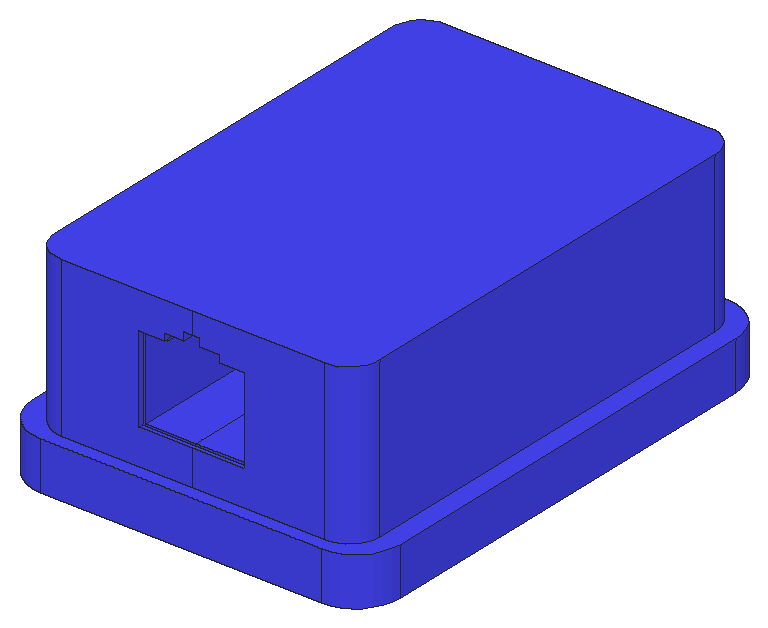
Revit family "ITK_Розетка информационная GENERICA категория 3_Настенная_1 порт_IP20", category Обобщенные модели, Revit 2019
Family settings
  Может служить основой для арматурных стержней = Нет
  Размер круглого соединителя = Использовать диаметр
  Тип детали = Нормальный
  На основе рабочей плоскости = Нет
  Всегда вертикально = Да
  При загрузке вырезать с полостями = Нет
  Общий = Нет
  Точка расчета площади = Нет
Parameters (values of type "Категория3_UTP")
  Ширина = 42 mm  # constant formula
  Степень защиты = "IP20"  # constant formula
  Материал = Пластик белый
  Изготовитель = "ITK"  # constant formula
  Дата изменения = ""
  Глубина = 58 mm  # constant formula
  Высота = 23.5 mm  # constant formula
  URL = "https://www.iek.ru/"
  KSI_CPr_Строительные изделия = ""
  KSI_CMa_Строительные материалы = "01.7.14.03"  # constant formula
  IEK_Цена за единицу = 44.77
  IEK_Поиск в таблице имен = ""
  IEK_Описание = "Используется для подключения оконечного оборудования пользователей на рабочих местах к информационной сети."
  IEK_URL = "https://generica.su/catalog/?page=detail&article=CS2-3C03U-12-G"
  ADSK_Примечание = ""
  ADSK_Позиция [instance] = ""
  ADSK_Наименование = "Розетка инф. настенная RJ12 кат. 3 UTP 1 порт GENERICA"
  ADSK_Материал обозначение = ""
  ADSK_Материал наименование = "АБС-пластик"  # constant formula
  ADSK_Масса = 0
  ADSK_Марка = ""  # constant formula
  ADSK_Код изделия = "CS2-3C03U-12-G"
  ADSK_Завод-изготовитель = "IEK"  # constant formula
  ADSK_Единица измерения = "шт"  # constant formula
  ADSK_Группирование = "I. ЩИТЫ И ПУЛЬТЫ"  # constant formula
  ADSK_Версия семейства = "1.0"  # constant formula
  ADSK_Версия Revit = "2019"  # constant formula
  ADSK_URL страницы изделия = "https://generica.su/catalog/?page=section&id=4935"
Reference planes
  plane 1 "По центру (Вперед/Назад)": y = -5.683
  plane 2: z = 0
  plane 3 "По центру (Влево/Вправо)": x = 0
  plane 4: y = 23.317
  plane 5: y = -34.683
  plane 6: x = -21
  plane 7: x = 21
  plane 8: z = 23.5
Forms (mm)
  Extrusion 1, solid, material "Пластик белый", detail levels fine
    sketch origin (0, 0, 0) x (1, 0, 0) y (0, 1, 0)
      loop
        line (-21, 18.119) -> (-21, -29.683)
        arc (-21, -29.683) -> (-19.536, -33.219) -> (-16, -34.683) r 5
        line (-16, -34.683) -> (16, -34.683)
        arc (16, -34.683) -> (19.536, -33.219) -> (21, -29.683) r 5
        line (21, -29.683) -> (21, 18.119)
        arc (21, 18.119) -> (19.536, 21.655) -> (16, 23.119) r 5
        line (16, 23.119) -> (-16, 23.119)
        arc (-16, 23.119) -> (-19.536, 21.655) -> (-21, 18.119) r 5
    from 5.5 to 0
  Extrusion 2, solid, material "Пластик белый", detail levels fine
    sketch origin (0, 0, 0) x (1, 0, 0) y (0, 1, 0)
      loop
        arc (-18.366, -29.654) -> (-17.333, -32.15) -> (-14.838, -33.183) r 3.529
        line (-14.838, -33.183) -> (0.005, -33.183) -> (15.102, -33.183)
        arc (15.102, -33.183) -> (17.597, -32.15) -> (18.63, -29.654) r 3.529
        line (18.63, -29.654) -> (18.63, 18.091)
        arc (18.63, 18.091) -> (17.597, 20.586) -> (15.102, 21.619) r 3.529
        line (15.102, 21.619) -> (-14.838, 21.619)
        arc (-14.838, 21.619) -> (-17.333, 20.586) -> (-18.366, 18.091) r 3.529
        line (-18.366, 18.091) -> (-18.366, -29.654)
    from 2 to 23.5
  Extrusion 3, void
    sketch origin (0, 0, 0) x (1, 0, 0) y (0, 1, 0)
      loop
        line (-18.366, 18.091) -> (-18.366, -29.654)
        arc (-18.366, -29.654) -> (-17.333, -32.15) -> (-14.838, -33.183) r 3.529
        line (-14.838, -33.183) -> (15.102, -33.183)
        arc (15.102, -33.183) -> (17.597, -32.15) -> (18.63, -29.654) r 3.529
        line (18.63, -29.654) -> (18.63, 18.091)
        arc (18.63, 18.091) -> (17.597, 20.586) -> (15.102, 21.619) r 3.529
        line (15.102, 21.619) -> (-14.838, 21.619)
        arc (-14.838, 21.619) -> (-17.333, 20.586) -> (-18.366, 18.091) r 3.529
    from 2 to 23.5
  Extrusion 4, solid, material "Пластик белый", detail levels fine
    sketch origin (13.85, -5.683, 0) x (1, 0, 0) y (0, 0, 1)
      loop
        line (-7.8, 19.35) -> (-19.9, 19.35) -> (-19.9, 9.5) -> (-7.8, 9.5) -> (-7.8, 19.35)
    from -7.773 to 26.974
  Extrusion 5, void
    sketch origin (0, -5.683, 0) x (1, 0, 0) y (0, 0, 1)
      loop
        line (0, 21.092) -> (-0.93, 21.092) -> (-0.93, 20.124) -> (-3.136, 20.124) -> (-3.136, 19.075) -> (-5.691, 19.075) -> (-5.691, 9.742) -> (0, 9.742) -> (5.691, 9.742) -> (5.691, 19.075) -> (3.136, 19.075) -> (3.136, 20.124) -> (0.93, 20.124) -> (0.93, 21.092) -> (0, 21.092)
    from 2 to 31.3
  Extrusion 6, solid, material "Условный материал-отделка", detail levels coarse+medium
    sketch origin (0, 0, 0) x (1, 0, 0) y (0, 1, 0)
      loop
        line (-21, 23.317) -> (-21, -34.683) -> (21, -34.683) -> (21, 23.317) -> (-21, 23.317)
    from 0 to 25.5
  Extrusion 7, void
    sketch origin (0, -5.683, 0) x (1, 0, 0) y (0, 0, 1)
      loop
        line (6.05, 19.35) -> (-6.05, 19.35) -> (-6.05, 9.5) -> (6.05, 9.5) -> (6.05, 19.35)
    from 0 to 31.3
  Extrusion 8, void
    sketch origin (0, -5.683, 0) x (1, 0, 0) y (0, 0, 1)
      loop
        line (3.25, 5.5) -> (3.25, 9.75)
        arc (3.25, 9.75) -> (0, 13) -> (-3.25, 9.75) r 3.25
        line (-3.25, 9.75) -> (-3.25, 5.5) -> (3.25, 5.5)
    from -28.803 to -15.008
  Extrusion 9, void
    sketch origin (0, 0, 0) x (1, 0, 0) y (0, 1, 0)
      loop
        line (-15.772, 16.307) -> (-15.772, -26.617)
        arc (-15.772, -26.617) -> (-14.48, -29.735) -> (-11.362, -31.026) r 4.41
        line (-11.362, -31.026) -> (12.725, -31.026)
        arc (12.725, -31.026) -> (15.067, -30.056) -> (16.037, -27.714) r 3.312
        line (16.037, -27.714) -> (16.037, 15.997)
        arc (16.037, 15.997) -> (15.166, 18.102) -> (13.061, 18.974) r 2.977
        line (13.061, 18.974) -> (-13.105, 18.974)
        arc (-13.105, 18.974) -> (-14.991, 18.193) -> (-15.772, 16.307) r 2.666
    from 3.254 to 20.124
Cuts and joins
  Extrusion 3, Extrusion 9 cuts Extrusion 1
  Extrusion 5, Extrusion 7, Extrusion 8, Extrusion 9 cuts Extrusion 2
  Extrusion 5, Extrusion 8 cuts Extrusion 4
  Extrusion 8, Extrusion 9 cuts Extrusion 6
Dimensions and locks
  equal spacing: plane 4, plane 1 "По центру (Вперед/Назад)", plane 5
  "Высота": plane 8 to level
  "Глубина": plane 4 to plane 5
  equal spacing: plane 6, plane 3 "По центру (Влево/Вправо)", plane 7
  "Ширина": plane 6 to plane 7
  aligned and locked: level to plane 2
  aligned and locked: Extrusion 1 to plane 5
  aligned and locked: Extrusion 1 to plane 6
  aligned and locked: Extrusion 1 to cut or joined group of Extrusion 2, Extrusion 5, Extrusion 7, Extrusion 8, Extrusion 9
Automatic sketch dimensions
  Extrusion 1 sketch curve to plane 5 = 0 mm
  Extrusion 1 sketch curve to plane 4 = 5.197 mm  (x2)
  Extrusion 1 sketch curve to plane 3 "По центру (Влево/Вправо)" = 21 mm
  Extrusion 1 sketch curve to plane 4 = 0.197 mm
  Extrusion 1 sketch curve to Extrusion 1 sketch curve = 5 mm
  plane 3 "По центру (Влево/Вправо)" to Extrusion 1 sketch curve = 16 mm  (x2)
  Extrusion 2 sketch curve to Extrusion 2 sketch curve = 3.529 mm  (x4)
  plane 3 "По центру (Влево/Вправо)" to Extrusion 2 sketch curve = 0.005 mm
  plane 5 to Extrusion 2 sketch curve = 5.029 mm
  level to Extrusion 5 sketch curve = 9.742 mm
  Extrusion 5 sketch curve to plane 3 "По центру (Влево/Вправо)" = 5.691 mm
  Extrusion 5 sketch curve to Extrusion 5 sketch curve = 2.555 mm
  Extrusion 5 sketch curve to Extrusion 5 sketch curve = 2.205 mm  (x2)
  Extrusion 5 sketch curve to Extrusion 5 sketch curve = 0.93 mm  (x2)
  Extrusion 5 sketch curve to Extrusion 5 sketch curve = 5.691 mm  (x2)
  Extrusion 5 sketch curve to Extrusion 5 sketch curve = 9.333 mm
  Extrusion 5 sketch curve to Extrusion 5 sketch curve = 0 mm
  Extrusion 5 sketch curve to Extrusion 5 sketch curve = 1.049 mm  (x2)
  Extrusion 5 sketch curve to Extrusion 5 sketch curve = 0.968 mm
  plane 6 to Extrusion 2 sketch curve = 6.162 mm
  Extrusion 2 sketch curve to plane 7 = 5.898 mm
  Extrusion 2 sketch curve to plane 4 = 5.226 mm
  Extrusion 6 sketch curve to plane 5 = 0 mm
  Extrusion 6 sketch curve to plane 6 = 0 mm
  Extrusion 6 sketch curve to plane 7 = 0 mm
  Extrusion 6 sketch curve to plane 4 = 0 mm
  Extrusion 4 sketch curve to plane 3 "По центру (Влево/Вправо)" = 6.05 mm
  plane 3 "По центру (Влево/Вправо)" to Extrusion 4 sketch curve = 6.05 mm
  Extrusion 7 sketch curve to plane 3 "По центру (Влево/Вправо)" = 6.05 mm
  plane 3 "По центру (Влево/Вправо)" to Extrusion 7 sketch curve = 6.05 mm
  level to Extrusion 7 sketch curve = 9.5 mm
  plane 8 to Extrusion 7 sketch curve = 4.15 mm
  level to Extrusion 4 sketch curve = 9.5 mm
  plane 8 to Extrusion 4 sketch curve = 4.15 mm
  plane 6 to Extrusion 3 sketch curve = 2.634 mm
  Extrusion 3 sketch curve to Extrusion 3 sketch curve = 3.529 mm  (x4)
  Extrusion 3 sketch curve to plane 7 = 5.898 mm
  plane 5 to Extrusion 3 sketch curve = 1.5 mm
  Extrusion 3 sketch curve to plane 4 = 5.226 mm
  Extrusion 8 sketch curve to plane 3 "По центру (Влево/Вправо)" = 0 mm
  plane 3 "По центру (Влево/Вправо)" to Extrusion 8 sketch curve = 3.25 mm
  level to Extrusion 8 sketch curve = 5.5 mm
  Extrusion 8 sketch curve to Extrusion 8 sketch curve = 4.25 mm
  plane 6 to Extrusion 9 sketch curve = 5.228 mm
  Extrusion 9 sketch curve to Extrusion 9 sketch curve = 2.666 mm
  Extrusion 9 sketch curve to Extrusion 9 sketch curve = 4.41 mm
  plane 5 to Extrusion 9 sketch curve = 3.657 mm
  Extrusion 9 sketch curve to plane 7 = 8.275 mm
  Extrusion 9 sketch curve to plane 4 = 4.343 mm
  Extrusion 9 sketch curve to plane 7 = 7.939 mm
  Extrusion 9 sketch curve to Extrusion 9 sketch curve = 2.977 mm
